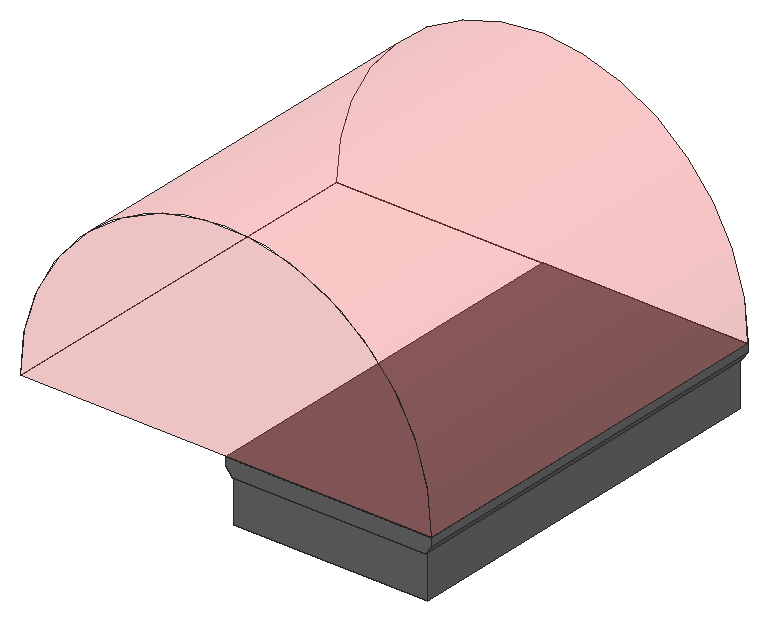
Revit family "Control_Panels-Lutron-HomeWorks-PD4-36-F", category Electrical Equipment, host Face, Revit 2017
Family settings
  Host = Face
  Panel Configuration = Two Columns, Circuits Across
  Round Connector Dimension = Use Radius
  Part Type = Panelboard
  OmniClass Number = 23.80.30.11.17
  OmniClass Title = Distribution Boards and Control Panels
  Cut with Voids When Loaded = No
  Shared = No
  Room Calculation Point = No
Parameters (values of type "PD4-36-F")
  Wattage = ""
  Warranty URL = "http://www.lutron.com/en-US/Service-Support/Pages/Service/Warranty/Warranty.aspx"
  Voltage = "0.00 V"
  Video Link = "https://www.youtube.com/user/LutronElectronicsInc"
  Version = "2017 - v1.0b"  # constant formula
  Unit Weight = 0.00 lbf
  URL = "http://www.lutron.com/en-US"
  Type Comments = ""
  Top Rail Center to Top = 0' - 7"
  Swing Right [instance] = no
  Swing Left [instance] = not(Swing Right)  # yes
  Surface Mounted [instance] = not(Recess Mounted)  # no
  Support Phone = "(224) 699-9545"  # constant formula
  Support Email = "mailto: support@anguleris.com"
  built-in parameter 1140142 = (empty or 0)
  Show Clearance [instance] = yes
  built-in parameter 1140080 [instance] = (empty or 0)
  Series = "HomeWorks® QS"
  Recess Void Depth = Panel Depth + Mounting Tab Thickness  # 0' - 4 3/32"
  Recess Mounted [instance] = yes
  Rail Thickness = 0' - 0 5/128"
  Rail Right Offset = 0' - 1 3/32"
  Rail Overall Height = 0' - 1 97/256"
  Rail Overall Depth = 0' - 0 19/64"
  Rail Middle Offset from Right = Rail Right Offset + (Rail Length / 2)  # 0' - 8 3/32"
  Rail Material = Steel - Lutron - Chrome Plated
  Rail Length = Overall Width - (Rail Left Offset + Rail Right Offset)  # 1' - 2"
  Rail Left Offset = 0' - 4"
  Rail Inside Height = 0' - 0 63/64"
  Rail Center to Rail Center = 0' - 5 1/2"
  Product Page URL = "http://www.lutron.com/en-US/Products/Pages/WholeHomeSystems/Homeworksqs/Overview.aspx"
  Product Name = "DIN Switching Panel"
  Product Documentation Link = "http://www.lutron.com/TechnicalDocumentLibrary/369788_ENG.pdf"
  Phase = 1
  Performance URL = "http://www.lutron.com/en-US/Service-Support/Pages/Technical/PerfomanceSpecs.aspx"
  Panel Width = 1' - 5 117/128"
  Panel Thickness = 0' - 0 15/256"
  Panel Name [instance] = (empty or 0)
  Panel Height = 3' - 0 67/256"
  Panel Depth = Overall Depth - (Door Depth + Mounting Tab Thickness)  # 0' - 3 125/128"
  Overall Width = 1' - 7 3/32"
  Overall Height = 3' - 0 167/256"
  Overall Depth = 0' - 5 171/256"
  Number of Poles = 3
  Neutral Rating = 0.00%
  Neutral Bus = Yes
  Mounting Tab Vertical Center to Center = 1' - 10 127/128"
  Mounting Tab Top to Panel Top = 0' - 2 13/64"
  Mounting Tab Thickness = 0' - 0 15/128"
  Mounting Tab Radius = 0' - 0 5/8"
  Mounting Tab Horizontal Center to Center = 1' - 0 127/128"
  Mounting Tab Center to Panel Top = Mounting Tab Top to Panel Top + Mounting Tab Radius  # 0' - 2 53/64"
  Mounting Depth Offset [instance] = if(Recess Mounted, (Panel Depth + Mounting Tab Thickness), 0' 0")  # 0' - 4 3/32"
  built-in parameter 1140081 [instance] = if(Recess Mounted, "Recess Mounted", "Surface Mounted")  # "Recess Mounted"
  built-in parameter 1140084 [instance] = (empty or 0)
  Model = "PD4-36-F"
  Maximum Feed Amps = 0 A
  built-in parameter 1140079 [instance] = 4
  Manufacturer Phone Number = "610-282-3800"  # constant formula
  Manufacturer Fax Number = "610-282-1243"  # constant formula
  Manufacturer Email = "mailto:support@lutron.com"
  Manufacturer Address = "7200 Suter Rd, Coopersburg, PA 18036"  # constant formula
  Manufacturer = "Lutron Electronics Co., Inc"  # constant formula
  Mains Type = ""
  built-in parameter 1140082 [instance] = (empty or 0)
  built-in parameter 1140140 = (empty or 0)
  Load Classification = Power
  Keynote = ""
  Instruction Sheet Link = "http://www.lutron.com/TechnicalDocumentLibrary/043428_ENG.pdf"
  Ground Bus = yes
  Feed Through Control Circuit Voltage = 120.00 V
  Feed Through Control Circuit Load [instance] = 0 VA
  built-in parameter 1140138 [instance] = (empty or 0)
  Enclosure Material = Steel - Lutron - Black
  built-in parameter 1140083 [instance] = "NEMA 1"
  Electrical Potential = 0.00 V
  Door Visibility [instance] = yes
  Door Depth = 0' - 1 147/256"
  Description = "DIN Switching Panel"
  Default Elevation = 6' - 6"
  DIN Rail Quantity = 4
  Cost Info = "mailto:sales@lutron.com"
  Cost = 0
  Copyright = "© 2019 Lutron Electronics Co., Inc."  # constant formula
  Clearance Material = Clearance - Lutron - Transparent Red
  Clearance Left Right Offset [instance] = if(Swing Right, Overall Width, 0' 0")  # 0' - 0"
  built-in parameter 1140086 [instance] = (empty or 0)
  built-in parameter 1140085 [instance] = (empty or 0)
  built-in parameter 1140087 [instance] = (empty or 0)
  built-in parameter 1140143 = (empty or 0)
  Assembly Code = "D5020"
Reference planes (in)
  plane 1 "Center (Front/Back)": y = 0
  plane 2: z = 0
  plane 3 "Center (Left/Right)": x = 0
  plane 4: y = 18.32617
  plane 5: y = -18.32617
  plane 6: x = -9.54687
  plane 7: x = 9.54688
  plane 8: z = -4.09375
  plane 9: z = 0
  plane 10: z = -3.97656
  plane 11: x = -8.95703
  plane 12: x = 8.95703
  plane 13: y = 18.13086
  plane 14: y = -18.13086
  plane 15: x = -8.89844
  plane 16: x = 8.89844
  plane 17: y = 18.07227
  plane 18: y = -18.07227
  plane 19: z = -3.97656
  plane 20: x = -6.49609
  plane 21: x = 6.49609
  plane 22: y = 15.30273
  plane 23: y = -7.68945
  plane 24: y = 18.13086
  plane 25: y = -18.13086
  plane 26: z = -3.97656
  plane 27: z = -3.91797
  plane 28: x = -8.95703
  plane 29: x = 8.95703
  plane 30: y = 18.13086
  plane 31: y = -18.13086
  plane 32: x = 1.45313
  plane 33: y = 11.32617
  plane 34: y = 5.82617
  plane 35: z = 1.57422
  plane 36: z = 0
  plane 37: z = 0.78711
  plane 38: x = -8.95703
  plane 39: x = 8.95703
  plane 40: x = -8.95703
  plane 41: x = 8.95703
  plane 42: y = 18.13086
  plane 43: y = -18.13086
  plane 44: z = 0
  plane 45: x = -9.54687
Forms (in)
  Sweep 1, solid, material "Steel - Lutron - Black" <- "Enclosure Material"
    path origin (0, 0, 0) x (1, 0, 0) y (0, 0, 1)
      loop
        line (0, -3.97656) -> (0, 0)
    profile origin (0, 0, -1.98828) x (-1, 0, 0) y (0, -1, 0)
      loop
        line (8.95703, -18.13086) -> (8.95703, 18.13086) -> (-8.95703, 18.13086) -> (-8.95703, -18.13086) -> (8.95703, -18.13086)
      loop
        line (8.89844, 18.07227) -> (-8.89844, 18.07227) -> (-8.89844, -18.07227) -> (8.89844, -18.07227) -> (8.89844, 18.07227)
  Sweep 2, solid, material "Steel - Lutron - Black" <- "Enclosure Material", detail levels fine
    path origin (0, 0, 0) x (1, 0, 0) y (0, 0, 1)
      loop
        line (0, -4.09375) -> (0, -3.97656)
    profile origin (0, 0, -4.03516) x (-1, 0, 0) y (0, -1, 0)
      loop
        circle (6.49609, -15.30273) r 0.625
      loop
        circle (-6.49609, -15.30273) r 0.625
      loop
        circle (6.49609, 7.68945) r 0.625
      loop
        circle (-6.49609, 7.68945) r 0.625
  Sweep 3, solid, material "Steel - Lutron - Black" <- "Enclosure Material"
    path origin (0, 0, 0) x (1, 0, 0) y (0, 0, 1)
      loop
        line (0, -3.97656) -> (0, -3.91797)
    profile origin (0, 0, -3.94727) x (-1, 0, 0) y (0, -1, 0)
      loop
        line (8.95703, -18.13086) -> (8.95703, 18.13086) -> (-8.95703, 18.13086) -> (-8.95703, -18.13086) -> (8.95703, -18.13086)
  Sweep 4, solid, material "Steel - Lutron - Black" <- "Enclosure Material", visible <- "Door Visibility"
    path origin (-54.58584, -180, 1.57422) x (-1, 0, 0) y (0, -1, 0)
      loop
        line (-54.58584, -161.67383) -> (-54.58584, -198.32617)
    profile origin (0, 0, 1.57422) x (-1, 0, 0) y (0, 0, 1)
      loop
        line (9.54688, 0) -> (-9.54687, 0) -> (-9.54687, -0.78711) -> (-8.95703, -1.57422) -> (8.95703, -1.57422) -> (9.54688, -0.78711) -> (9.54688, 0)
  Sweep 5, void
    path origin (0, 0, 0) x (1, 0, 0) y (0, 0, 1)
      loop
        line (0, -4.09375) -> (0, 0)
    profile origin (0, 0, -2.04687) x (-1, 0, 0) y (0, -1, 0)
      loop
        line (8.95703, -18.13086) -> (8.95703, 18.13086) -> (-8.95703, 18.13086) -> (-8.95703, -18.13086) -> (8.95703, -18.13086)
Cuts and joins
  joined: Sweep 1, Sweep 3
Lines and regions (in)
  symbolic lines, style "Clearance", visible <- "Show Clearance"
    curve 1: arc (-28.64062, 0, 1.57422) -> (-9.54687, 0, 20.66797) -> (9.54688, 0, 1.57422) r 19.09375
    curve 2: line (-28.64062, 0, 1.57422) -> (9.54688, 0, 1.57422)
    curve 3: line (0, 18.32617, 1.57422) -> (0, 18.32617, 20.66797)
    curve 4: line (0, 18.32617, 20.66797) -> (0, -18.32617, 20.66797)
    curve 5: line (0, -18.32617, 20.66797) -> (0, -18.32617, 1.57422)
    curve 6: line (-28.64062, 18.32617, 1.57422) -> (9.54688, 18.32617, 1.57422)
    curve 7: line (-28.64062, -18.32617, 1.57422) -> (-28.64062, 18.32617, 1.57422)
    curve 8: line (9.54688, -18.32617, 1.57422) -> (-28.64062, -18.32617, 1.57422)
    curve 9: line (9.54688, 18.32617, 1.57422) -> (9.54688, -18.32617, 1.57422)
Dimensions and locks (in)
  equal spacing: plane 5, plane 1 "Center (Front/Back)", plane 4
  "Overall Height": plane 5 to plane 4
  equal spacing: plane 6, plane 3 "Center (Left/Right)", plane 7
  "Overall Width": plane 6 to plane 7
  "Mounting Depth Offset": plane 2 to plane 8
  "Mounting Tab Thickness": plane 10 to plane 8
  "Panel Depth": plane 9 to plane 10
  equal spacing: plane 14, plane 1 "Center (Front/Back)", plane 13
  equal spacing: plane 11, plane 3 "Center (Left/Right)", plane 12
  "Panel Width": plane 11 to plane 12
  "Panel Height": plane 13 to plane 14
  equal spacing: plane 15, plane 3 "Center (Left/Right)", plane 16
  "Panel Thickness": plane 11 to plane 15
  equal spacing: plane 18, plane 1 "Center (Front/Back)", plane 17
  "Panel Thickness": plane 13 to plane 17
  "Mounting Tab Thickness": plane 19 to plane 8
  equal spacing: plane 20, plane 3 "Center (Left/Right)", plane 21
  equal spacing: plane 25, plane 1 "Center (Front/Back)", plane 24
  "Panel Height": plane 24 to plane 25
  "Mounting Tab Center to Panel Top": plane 24 to plane 22
  "Mounting Tab Vertical Center to Center": plane 22 to plane 23
  "Mounting Tab Horizontal Center to Center": plane 20 to plane 21
  locked: plane 22 to Sweep 2 sketch curve at 0  (x2)
  locked: plane 21 to Sweep 2 sketch curve at 0  (x2)
  locked: plane 20 to Sweep 2 sketch curve at 0  (x2)
  locked: plane 23 to Sweep 2 sketch curve at 0  (x2)
  "Mounting Tab Thickness": plane 26 to plane 8
  "Panel Thickness": plane 27 to plane 26
  equal spacing: plane 31, plane 1 "Center (Front/Back)", plane 30
  "Panel Height": plane 31 to plane 30
  equal spacing: plane 28, plane 3 "Center (Left/Right)", plane 29
  "Panel Width": plane 28 to plane 29
  "Rail Middle Offset from Right": plane 32 to plane 7
  "Top Rail Center to Top": plane 4 to plane 33
  "Rail Center to Rail Center": plane 33 to plane 34
  equal spacing: group 1, group 2, group 3, group 4  (x2)
  equal spacing: group 4, group 3, group 2, group 1
  "Overall Depth": plane 35 to plane 8
  "Door Depth": plane 35 to plane 36
  equal spacing: plane 39, plane 3 "Center (Left/Right)", plane 38
  "Panel Width": plane 39 to plane 38
  equal spacing: plane 35, plane 37, plane 36
  equal spacing: plane 43, plane 1 "Center (Front/Back)", plane 42
  equal spacing: plane 40, plane 3 "Center (Left/Right)", plane 41
  "Panel Height": plane 42 to plane 43
  "Panel Width": plane 40 to plane 41
  "Recess Void Depth": plane 44 to plane 8
  "Clearance Left Right Offset": plane 6 to plane 45
  "Overall Width": curve 4 to plane 35
  locked: plane 45 to curve 1 at 0
  locked: plane 35 to curve 1 at 0
  equal spacing: curve 7, plane 45, curve 9
  "Overall Width": curve 7 to plane 45
  "Mounting Tab Radius": radius of Sweep 2 sketch curve  (x4)
  "Overall Width": radius of curve 1
  aligned and locked: plane 2 to host face
  aligned and locked: level to host face
  aligned and locked: plane 9 to Sweep 1 sketch curve
  aligned and locked: plane 10 to Sweep 1 sketch curve
  aligned and locked: plane 3 "Center (Left/Right)" to Sweep 1 sketch curve
  aligned and locked: plane 17 to Sweep 1 sketch curve
  aligned and locked: Sweep 1 sketch curve to plane 16
  aligned and locked: plane 12 to Sweep 1 sketch curve
  aligned and locked: Sweep 1 sketch curve to plane 13
  aligned and locked: plane 18 to Sweep 1 sketch curve
  aligned and locked: Sweep 1 sketch curve to plane 15
  aligned and locked: Sweep 1 sketch curve to plane 14
  aligned and locked: plane 11 to Sweep 1 sketch curve
  aligned and locked: plane 19 to Sweep 2 sketch curve
  aligned and locked: plane 3 "Center (Left/Right)" to Sweep 2 sketch curve
  aligned and locked: plane 27 to Sweep 3 sketch curve
  aligned and locked: plane 26 to Sweep 3 sketch curve
  aligned and locked: plane 3 "Center (Left/Right)" to Sweep 3 sketch curve
  aligned and locked: Sweep 3 sketch curve to plane 30
  aligned and locked: plane 28 to Sweep 3 sketch curve
  aligned and locked: plane 29 to Sweep 3 sketch curve
  aligned and locked: Sweep 3 sketch curve to plane 31
  aligned and locked: plane 32 to nested 1
  aligned and locked: nested 1 to plane 33
  aligned and locked: plane 32 to nested 2
  aligned and locked: plane 34 to nested 2
  aligned and locked: plane 4 to Sweep 4 sketch curve
  aligned and locked: plane 5 to Sweep 4 sketch curve
  aligned and locked: plane 3 "Center (Left/Right)" to Sweep 4 sketch curve
  aligned and locked: plane 37 to Sweep 4 sketch curve  (x2)
  aligned and locked: plane 36 to Sweep 4 sketch curve
  aligned and locked: plane 7 to Sweep 4 sketch curve  (x2)
  aligned and locked: plane 6 to Sweep 4 sketch curve
  aligned and locked: Sweep 4 sketch curve to plane 35
  aligned and locked: plane 39 to Sweep 4 sketch curve
  aligned and locked: plane 38 to Sweep 4 sketch curve
  aligned and locked: Sweep 4 sketch curve to plane 36
  aligned and locked: plane 3 "Center (Left/Right)" to Sweep 5 sketch curve
  aligned and locked: plane 40 to Sweep 5 sketch curve
  aligned and locked: Sweep 5 sketch curve to plane 42
  aligned and locked: plane 41 to Sweep 5 sketch curve
  aligned and locked: Sweep 5 sketch curve to plane 43
  aligned and locked: plane 44 to Sweep 5 sketch curve
  aligned and locked: plane 8 to Sweep 5 sketch curve
  aligned and locked: plane 45 to nested 5
  aligned and locked: plane 1 "Center (Front/Back)" to nested 5
  aligned and locked: plane 35 to curve 5
  aligned and locked: plane 35 to curve 3
  aligned and locked: curve 3 to plane 4
  aligned and locked: curve 5 to plane 5
  aligned and locked: plane 35 to curve 2  (x2)
  aligned and locked: curve 6 to plane 4
  aligned and locked: curve 8 to plane 5
  aligned and locked: plane 8 to Sweep 2 sketch curve
Automatic sketch dimensions
  host sketch curve to host sketch curve = 8' - 0"  (x2)
Nested families (in)
  nested 1: "DIN_Rail-Lutron" at (1.45313, 11.32617, -3.91797), type "Standard"
    with Rail Length 1' - 2"
  nested 2: "DIN_Rail-Lutron" at (1.45313, 5.82617, -3.91797), type "Standard"
    with Rail Length 1' - 2"
  nested 3: "DIN_Rail-Lutron" at (1.45312, 0.32617, -3.91797), type "Standard"
    with Rail Length 1' - 2"
  nested 4: "DIN_Rail-Lutron" at (1.45312, -5.17383, -3.91797), type "Standard"
    with Rail Length 1' - 2"
  nested 5: "Clearance-Door_Swing-Lutron" at (-9.54688, 0, 1.57422), visible <- "Show Clearance", type "Standard"
    with Clearance Radius 1' - 7 3/32", Clearance Height 3' - 0 167/256"
Connectors (in)
  electrical at (0, 0, 0), driven by "Number of Poles", driven by "Electrical Potential", driven by "Load Classification"
    settings: on Sweep 4, index 1, voltage 0.00 V, apparent load 0 VA, apparent load phase1 0 VA, apparent load phase2 0 VA, apparent load phase3 0 VA, power factor 1, load classification "Power", number of poles 3, system type 31, power factor state 1, is connector primary yes, connector utility no, sub classification motor no, connector description "Power Connection"
  electrical at (-8.89844, 0, -1.95898), driven by "Load Classification", driven by "Feed Through Control Circuit Voltage", driven by "Feed Through Control Circuit Load"
    settings: on cut or joined group of Sweep 1, Sweep 3, index 2, voltage 120.00 V, apparent load 0 VA, apparent load phase1 0 VA, apparent load phase2 0 VA, apparent load phase3 0 VA, power factor 1, load classification "Power", number of poles 1, system type 30, power factor state 1, is connector primary no, connector utility no, sub classification motor no, connector description "Feed Through Control Circuit Connection"
  cabletrayconduit at (-8.95703, 0, -1.98828), diameter 24
    settings: on cut or joined group of Sweep 1, Sweep 3, index 3, connector width 1' - 0", connector height 1' - 0", connector angle 0.00°, system type 32, placement type 1, profile type 0, connector reference index -1, is primary connector yes, connector utility param no, connector description "Left Surface Conduit Connection"
  cabletrayconduit at (0, -18.13086, -1.98828), diameter 24
    settings: on cut or joined group of Sweep 1, Sweep 3, index 4, connector width 1' - 0", connector height 1' - 0", connector angle 0.00°, system type 32, placement type 1, profile type 0, connector reference index -1, is primary connector no, connector utility param no, connector description "Bottom Surface Conduit Connection"
  cabletrayconduit at (8.89844, 0, -1.95898), diameter 24
    settings: on cut or joined group of Sweep 1, Sweep 3, index 5, connector width 1' - 0", connector height 1' - 0", connector angle 0.00°, system type 32, placement type 1, profile type 0, connector reference index -1, is primary connector no, connector utility param no, connector description "Right Surface Conduit Connection"
  cabletrayconduit at (0, 18.13086, -1.98828), diameter 24
    settings: on cut or joined group of Sweep 1, Sweep 3, index 6, connector width 1' - 0", connector height 1' - 0", connector angle 0.00°, system type 32, placement type 1, profile type 0, connector reference index -1, is primary connector no, connector utility param no, connector description "Top Surface Conduit Connection"
Definition of nested family "DIN_Rail-Lutron"
  Parameters (values of type "Standard")
    Rail Thickness = 0' - 0 5/128"
    Rail Overall Height = 0' - 1 97/256"
    Rail Overall Depth = 0' - 0 19/64"
    Rail Material = none
    Rail Length = 1' - 6"
    Rail Inside Height = 0' - 0 63/64"
    Description = "DIN Rail"
    Default Elevation = 0' - 0"
  Reference planes (in)
    plane 1 "Center (Front/Back)": y = 0
    plane 2: z = 0
    plane 3 "Center (Left/Right)": x = 0
    plane 4: x = -9
    plane 5: x = 9
  Forms (in)
    Extrusion 1, solid
      sketch origin (0, 0, 0) x (1, 0, 0) y (0, 1, 0)
        loop
          line (-48, 48) -> (-48, -48) -> (48, -48) -> (48, 48) -> (-48, 48)
      from 0 to -12
    Sweep 2, solid, material <- "Rail Material", detail levels fine
      path origin (0, 0, 0) x (1, 0, 0) y (0, 1, 0)
        loop
          line (-9, 0) -> (9, 0)
      profile "Profile-DIN_Rail : Standard" origin (0, 0, 0) x (0, 1, 0) y (0, 0, 1)
        loop
          arc (-0.53125, 0.07813) -> (-0.50837, 0.02288) -> (-0.45313, 0) r 0.07813
          line (-0.45313, 0) -> (0.45313, 0)
          arc (0.45313, 0) -> (0.50837, 0.02288) -> (0.53125, 0.07812) r 0.07813
          line (0.53125, 0.07812) -> (0.53125, 0.21875)
          arc (0.53125, 0.21875) -> (0.54269, 0.24637) -> (0.57031, 0.25781) r 0.03906
          line (0.57031, 0.25781) -> (0.68945, 0.25781) -> (0.68945, 0.29687) -> (0.57031, 0.29687)
          arc (0.57031, 0.29687) -> (0.51507, 0.27399) -> (0.49219, 0.21875) r 0.07813
          line (0.49219, 0.21875) -> (0.49219, 0.07813)
          arc (0.49219, 0.07813) -> (0.48075, 0.0505) -> (0.45312, 0.03906) r 0.03906
          line (0.45312, 0.03906) -> (-0.45313, 0.03906)
          arc (-0.45313, 0.03906) -> (-0.48075, 0.0505) -> (-0.49219, 0.07813) r 0.03906
          line (-0.49219, 0.07813) -> (-0.49219, 0.21875)
          arc (-0.49219, 0.21875) -> (-0.51507, 0.27399) -> (-0.57031, 0.29687) r 0.07813
          line (-0.57031, 0.29687) -> (-0.68945, 0.29688) -> (-0.68945, 0.25781) -> (-0.57031, 0.25781)
          arc (-0.57031, 0.25781) -> (-0.54269, 0.24637) -> (-0.53125, 0.21875) r 0.03906
          line (-0.53125, 0.21875) -> (-0.53125, 0.07813)
  Dimensions and locks (in)
    equal spacing: plane 4, plane 3 "Center (Left/Right)", plane 5
    "Rail Length": plane 4 to plane 5
    aligned and locked: plane 2 to Extrusion 1
    aligned and locked: level to Extrusion 1
    aligned and locked: plane 4 to Sweep 2 sketch curve
    aligned and locked: plane 5 to Sweep 2 sketch curve
    aligned and locked: plane 1 "Center (Front/Back)" to Sweep 2 sketch curve
  Automatic sketch dimensions
    Extrusion 1 sketch curve to Extrusion 1 sketch curve = 8' - 0"  (x2)
Definition of nested family "Clearance-Door_Swing-Lutron"
  Parameters (values of type "Standard")
    Default Elevation = 0' - 0"
    Clearance Visibility = yes
    Clearance Radius = 1' - 0"
    Clearance Material = none
    Clearance Height = 4' - 0"
  Reference planes (in)
    plane 1 "Center (Front/Back)": y = 0
    plane 2: z = 0
    plane 3 "Center (Left/Right)": x = 0
    plane 4: z = 12
    plane 5: x = -12
    plane 6: x = 12
    plane 7: y = 24
    plane 8: y = -24
  Forms (in)
    Extrusion 1, solid
      sketch origin (0, 0, 0) x (1, 0, 0) y (0, 1, 0)
        loop
          line (-48, 48) -> (-48, -48) -> (48, -48) -> (48, 48) -> (-48, 48)
      from 0 to -12
    Sweep 2, solid, material <- "Clearance Material", visible <- "Clearance Visibility"
      path origin (0, 0, 0) x (1, 0, 0) y (0, 1, 0)
        loop
          line (0, -24) -> (0, 24)
      profile origin (0, 0, 0) x (-1, 0, 0) y (0, 0, 1)
        loop
          arc (12, 0) -> (0, 12) -> (-12, 0) r 12
          line (-12, 0) -> (12, 0)
  Lines and regions (in)
    symbolic lines, visible <- "Clearance Visibility"
      curve 1: line (-12, 24, 0) -> (12, 24, 0)
      curve 2: line (-12, -24, 0) -> (-12, 24, 0)
      curve 3: line (12, -24, 0) -> (-12, -24, 0)
      curve 4: line (12, 24, 0) -> (12, -24, 0)
  Dimensions and locks (in)
    equal spacing: plane 8, plane 1 "Center (Front/Back)", plane 7
    "Clearance Height": plane 8 to plane 7
    equal spacing: plane 5, plane 3 "Center (Left/Right)", plane 6
    "Clearance Radius": plane 5 to plane 3 "Center (Left/Right)"
    "Clearance Radius": plane 4 to plane 2
    locked: plane 3 "Center (Left/Right)" to Sweep 2 sketch curve at 0
    locked: plane 2 to Sweep 2 sketch curve at 0
    "Clearance Radius": radius of Sweep 2 sketch curve
    aligned and locked: plane 2 to Extrusion 1
    aligned and locked: level to Extrusion 1
    aligned and locked: plane 7 to Sweep 2 sketch curve
    aligned and locked: plane 8 to Sweep 2 sketch curve
    aligned and locked: plane 3 "Center (Left/Right)" to Sweep 2 sketch curve
    aligned and locked: Sweep 2 sketch curve to plane 2
    aligned and locked: Sweep 2 to plane 2
    aligned and locked: curve 1 to plane 7
    aligned and locked: plane 5 to curve 2
    aligned and locked: curve 3 to plane 8
    aligned and locked: plane 6 to curve 4
  Automatic sketch dimensions
    Extrusion 1 sketch curve to Extrusion 1 sketch curve = 8' - 0"  (x2)
